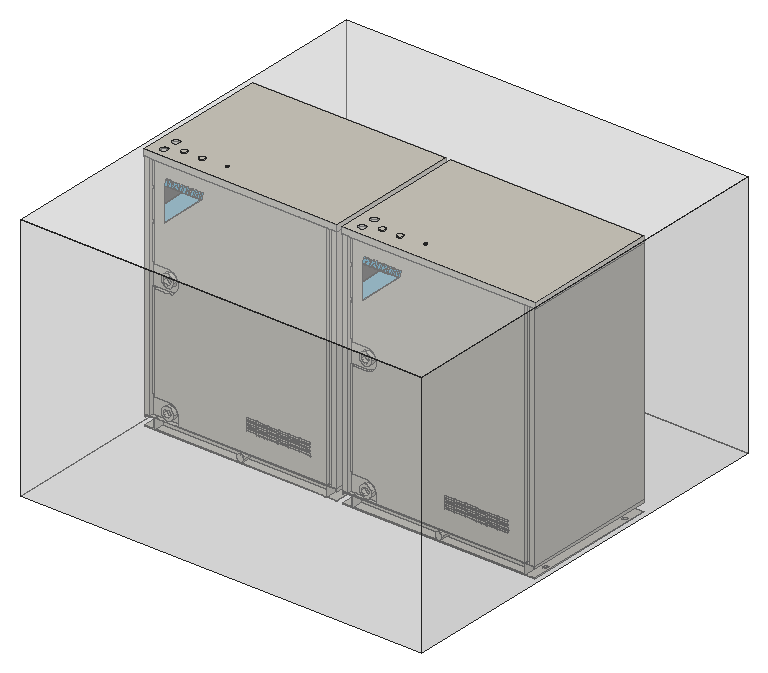
Revit family "outputfile", category 機械設備, Revit 2024
Family settings
  丸型コネクタ寸法 = 半径を使用
  種別 = なし
  パーツ タイプ = 標準
  OmniClass 番号 = 23.75.10.24.21.27.27
  OmniClass タイトル = Split System Air Conditioning Units
  作業面ベース = いいえ
  常に垂直 = はい
  ロード時にボイドで切り取り = いいえ
  注釈の向きを維持 = いいえ
  共有 = いいえ
  部屋計算ポイント = いいえ
Parameters (values of type "RWEYQ20TY1S")
  製造元 = "Daikin"
  書き出し IFC クラス(タイプ) = "IfcUnitaryEquipmentType"
  定義済み IFC タイプ(タイプ) = "AIRCONDITIONINGUNIT"
  モデル = "RWEYQ20TY1S"
  w_unit2 = 780.0 mm
  w_unit1 = 780.0 mm
  switch_unit2_6-8 [instance] = if(Reverse_ModuleSequence, if(default_unit1 = 1, 1 = 1, 1 = 0), if(default_unit2 = 1, 1 = 1, 1 = 0))  # no
  switch_unit2_12 [instance] = if(Reverse_ModuleSequence, if(default_unit1 = 3, 1 = 1, 1 = 0), if(default_unit2 = 3, 1 = 1, 1 = 0))  # no
  switch_unit2_10 [instance] = if(Reverse_ModuleSequence, if(default_unit1 = 2, 1 = 1, 1 = 0), if(default_unit2 = 2, 1 = 1, 1 = 0))  # yes
  switch_unit1_6-8 [instance] = if(Reverse_ModuleSequence, if(default_unit2 = 1, 1 = 1, 1 = 0), if(default_unit1 = 1, 1 = 1, 1 = 0))  # no
  switch_unit1_12 [instance] = if(Reverse_ModuleSequence, if(default_unit2 = 3, 1 = 1, 1 = 0), if(default_unit1 = 3, 1 = 1, 1 = 0))  # no
  switch_unit1_10 [instance] = if(Reverse_ModuleSequence, if(default_unit2 = 2, 1 = 1, 1 = 0), if(default_unit1 = 2, 1 = 1, 1 = 0))  # yes
  rangle_Drain [instance] = if(Rear Connection_Drain, 180.00°, 0.00°)  # 0.00°
  r_Water Outlet Pipe Connection_unit2 [instance] = Water Outlet Pipe Connection_Unit2 / 2  # 15.9 mm
  r_Water Outlet Pipe Connection_unit1 [instance] = Water Outlet Pipe Connection_Unit1 / 2  # 15.9 mm
  r_Water Inlet Pipe Connection_unit2 [instance] = Water Inlet Pipe Connection_Unit2 / 2  # 15.9 mm
  r_Water Inlet Pipe Connection_unit1 [instance] = Water Inlet Pipe Connection_Unit1 / 2  # 15.9 mm
  r_Liquid Pipe Size_unit2 [instance] = Liquid Pipe Size_Unit 2 / 2  # 4.75 mm
  r_HP/LP Gas Pipe Size_unit2 [instance] = [HP/LP Gas Pipe Size_Unit 2] / 2  # 11.1 mm
  r_HP/LP Gas Pipe Size_unit1 [instance] = [HP/LP Gas Pipe Size_Unit 1] / 2  # 11.1 mm
  r_Gas Pipe Size_unit2 [instance] = Gas Pipe Size_Unit 2 / 2  # 11.1 mm
  r_Drain Pipe Size = Drain Pipe Size / 2  # 6.35 mm
  lw_powersupply2 = 51.0 mm
  lw_liquidpipe2 = 274.0 mm
  lw_gaspipe2 [instance] = if(Heat Pump, 107.0 mm, 178.0 mm)  # 107.0 mm
  lw_Water Outlet2 = 95.0 mm
  lw_Water Outlet1 = 95.0 mm
  lw_Water Inlet2 = 95.0 mm
  lw_Water Inlet1 = 95.0 mm
  lw_HP/LP Gas Pipe2 [instance] = if(Heat Pump, 178.0 mm, 107.0 mm)  # 178.0 mm
  lw_HP/LP Gas Pipe1 [instance] = if(Heat Pump, 178.0 mm, 107.0 mm)  # 178.0 mm
  lw_Drain2 = 390.0 mm
  lw_Drain1 = 390.0 mm
  ld_HP/LP Gas Pipe = 69.0 mm
  h_mountinghole = [h_***] + 2.3 mm  # 2.3 mm
  r_Liquid Pipe Size_unit1 [instance] = Liquid Pipe Size_Unit 1 / 2  # 4.75 mm
  r_Gas Pipe Size_unit1 [instance] = Gas Pipe Size_Unit 1 / 2  # 11.1 mm
  distance_unit1-2 [instance] = 20.0 mm
  default_unit2 = 2
  default_unit1 = 2
  default_Water Outlet Pipe Connection_Unit 3 = 31.8 mm
  default_Water Outlet Pipe Connection_Unit 2 = 31.8 mm
  default_Water Outlet Pipe Connection_Unit 1 = 31.8 mm
  default_Water Inlet Pipe Connection_Unit 3 = 31.8 mm
  default_Water Inlet Pipe Connection_Unit 2 = 31.8 mm
  default_Water Inlet Pipe Connection_Unit 1 = 31.8 mm
  default_Model_Unit 2 = "RWEYQ10TY1S"
  default_Model_Unit 1 = "RWEYQ10TY1S"
  default_Liquid Pipe Size_Unit 2 = 9.5 mm
  default_Liquid Pipe Size_Unit 1 = 9.5 mm
  default_HP/LP Gas Pipe Size_Unit 2 [instance] = if(and(Heat Pump, [switch_unit2_6-8]), 19.1 mm, if(and(Heat Pump, switch_unit2_10), 22.2 mm, if(and(Heat Pump, switch_unit2_12), 22.2 mm, if(and(Heat Recovery, [switch_unit2_6-8]), 15.9 mm, if(and(Heat Recovery, switch_unit2_10), 19.1 mm, if(and(Heat Recovery, switch_unit2_12), 19.1 mm, 19.1 mm))))))  # 22.2 mm
  default_HP/LP Gas Pipe Size_Unit 1 [instance] = if(and(Heat Pump, [switch_unit1_6-8]), 19.1 mm, if(and(Heat Pump, switch_unit1_10), 22.2 mm, if(and(Heat Pump, switch_unit1_12), 22.2 mm, if(and(Heat Recovery, [switch_unit1_6-8]), 15.9 mm, if(and(Heat Recovery, switch_unit1_10), 19.1 mm, if(and(Heat Recovery, switch_unit1_12), 19.1 mm, 19.1 mm))))))  # 22.2 mm
  default_Gas Pipe Size_Unit 2 = 22.2 mm
  default_Gas Pipe Size_Unit 1 = 22.2 mm
  Water Outlet Pipe Connection_Unit2 [instance] = if(Reverse_ModuleSequence, default_Water Inlet Pipe Connection_Unit 1, default_Water Inlet Pipe Connection_Unit 2)  # 31.8 mm
  Water Outlet Pipe Connection_Unit1 [instance] = if(Reverse_ModuleSequence, default_Water Outlet Pipe Connection_Unit 2, default_Water Outlet Pipe Connection_Unit 1)  # 31.8 mm
  Water Inlet Pipe Connection_Unit2 [instance] = if(Reverse_ModuleSequence, default_Water Outlet Pipe Connection_Unit 1, default_Water Outlet Pipe Connection_Unit 2)  # 31.8 mm
  Water Inlet Pipe Connection_Unit1 [instance] = if(Reverse_ModuleSequence, default_Water Inlet Pipe Connection_Unit 2, default_Water Inlet Pipe Connection_Unit 1)  # 31.8 mm
  Voltage_comment_50Hz = "380-415"
  Voltage_50Hz = 400 V
  Top Connection_powersupply2 [instance] = not(Top Connection_powersupply1)  # no
  Sound Power Level (dB) = 74
  Reverse_ModuleSequence [instance] = no
  Rear Connection_Drain [instance] = not(Front Connection_Drain)  # no
  Power Input (Heating) = 11.200 kW
  Phase_50Hz = 3
  Nominal Heating Capacity = 63.000 kW
  Model_Unit 2 [instance] = if(Reverse_ModuleSequence, default_Model_Unit 1, default_Model_Unit 2)  # "RWEYQ10TY1S"
  Model_Unit 1 [instance] = if(Reverse_ModuleSequence, default_Model_Unit 2, default_Model_Unit 1)  # "RWEYQ10TY1S"
  Minimum Circuit Amps_50Hz = 27.3 A
  Maximum Fuse Amps_50Hz = 35.0 A
  Material_Heat Exchanger = DAIKIN_Blue_HE_outdoorunit
  Material_Casing = DAIKIN_IvoryWhite_Casing_outdoorunit
  lw_powersupply1 = 51.0 mm
  lw_liquidpipe1 = 274.0 mm
  lw_gaspipe1 [instance] = if(Heat Pump, 107.0 mm, 178.0 mm)  # 107.0 mm
  lh_powersupply = 940.0 mm
  ld_powersupply [instance] = if(Top Connection_powersupply1, 38.0 mm, 98.0 mm)  # 38.0 mm
  ld_liquidpipe = 79.0 mm
  ld_gaspipe = 69.0 mm
  h_*** = 0.0 mm
  Width [instance] = [distance_unit1-2] + w_unit1 + w_unit2  # 1580.0 mm
  Version = "ver.1.0"
  Unit Type = ""
  Unit Mass Weight = 294.00 kg
  Unit Designation [instance] = ""
  Uniclass2015Version = "Products v1.30"
  Uniclass2015Title = "Variable refrigerant flow units"
  Uniclass2015Code = "Pr_70_65_03_94"
  Total Cooling Capacity [instance] = 0.000 kW
  Sound Pressure Level (dBA) = 54
  Series = "VRV Heat Recovery"
  Refrigerant_Base Charge = 8.400 kg
  Refrigerant_Additional Charge [instance] = 0.000 kg
  Refrigerant Type = "R410A"
  Power Input (Cooling) = 10.900 kW
  Option Accessory 3 [instance] = ""
  Option Accessory 2 [instance] = ""
  Option Accessory 1 [instance] = ""
  Nominal Cooling Capacity = 56.000 kW
  Load Classification = HVAC
  Liquid Pipe Size_Unit 2 [instance] = if(Reverse_ModuleSequence, default_Liquid Pipe Size_Unit 1, default_Liquid Pipe Size_Unit 2)  # 9.5 mm
  Liquid Pipe Size_Unit 1 [instance] = if(Reverse_ModuleSequence, default_Liquid Pipe Size_Unit 2, default_Liquid Pipe Size_Unit 1)  # 9.5 mm
  Link_Nested Family [instance] = ""
  IfcVersion = ""
  IfcExportType = "AIRCONDITIONINGUNIT"
  IfcExportAs = "IfcUnitaryEquipmentType"
  Height = 1000.0 mm
  Heat Recovery [instance] = not(Heat Pump)  # no
  Heat Pump [instance] = yes
  Heat Exchanger Type = "Stainless Steel Plate"
  HP/LP Gas Pipe Size_Unit 2 [instance] = [default_HP/LP Gas Pipe Size_Unit 2]  # 22.2 mm
  HP/LP Gas Pipe Size_Unit 1 [instance] = [default_HP/LP Gas Pipe Size_Unit 1]  # 22.2 mm
  Gas Pipe Size_Unit 2 [instance] = if(Reverse_ModuleSequence, default_Gas Pipe Size_Unit 1, default_Gas Pipe Size_Unit 2)  # 22.2 mm
  Gas Pipe Size_Unit 1 [instance] = if(Reverse_ModuleSequence, default_Gas Pipe Size_Unit 2, default_Gas Pipe Size_Unit 1)  # 22.2 mm
  Top Connection_powersupply1 [instance] = yes
  Front Connection_Drain [instance] = yes
  Frequency_50Hz = 50 Hz
  Drain Pipe Size = 12.7 mm
  Depth = 550.0 mm
  既定の高さ = 0.0 mm
  Cooling Ambient Wet Bulb Temperature [instance] = 0.00 °C
  Cooling Ambient Dry Bulb Temperature [instance] = 0.00 °C
  Compressor Type = "Hermetically Sealed Scroll Type"
  Clearance visibility [instance] = yes
  Clearance Top = 0.0 mm
  Clearance Right = 20.0 mm
  Clearance Rear = 500.0 mm
  Clearance Left = 20.0 mm
  Clearance Front = 600.0 mm
  Clearance Bottom = 0.0 mm
  CU Tag No. [instance] = ""
Reference planes
  plane 1 "Center (Front/Back)": y = 0
  plane 2 "h_***": z = 0
  plane 3 "Center (Left/Right)": x = 0
  plane 4 "Back": y = 275
  plane 5 "Front": y = -275
  plane 6 "Left": x = -390
  plane 7 "w_unit1": x = 390
  plane 8 "Top": z = 1000
  plane 9 "Clearance Rear": y = 775
  plane 10 "Clearance Front": y = -875
  plane 11 "Clearance Left": x = -410
  plane 12 "Clearance Right": x = 1210
  plane 13 "Clearance Top": z = 1000
  plane 14 "Clearance Bottom": z = 0
  plane 15 "Bottom": z = 0
  plane 16 "lw_powersupply1": x = -339
  plane 17 "ld_powersupply": y = -237
  plane 18 "lw_liquidpipe1": x = -116
  plane 19 "Rear Connection_refrigetant": y = -196
  plane 20 "lw_gaspipe1": x = -283
  plane 21 "ld_gaspipe": y = -206
  plane 22 "lh_logo": z = 900
  plane 23 "lw_logo": x = 100
  plane 24 "lh_powersupply": z = 940
  plane 25 "lw_HP/LP Gas Pipe1": x = -212
  plane 26 "ld_HP/LP Gas Pipe": y = -206
  plane 27 "l_unit2": x = 410
  plane 28 "Right": x = 1190
  plane 29 "lw_powersupply2": x = 461
  plane 30 "lw_liquidpipe2": x = 684
  plane 31 "lw_gaspipe2": x = 517
  plane 32 "lw_HP/LP Gas Pipe2": x = 588
  plane 33 "lw_Water Inlet1": x = -295
  plane 34 "lw_Water Inlet2": x = 505
  plane 35 "lw_Water Outlet1": x = -295
  plane 36 "lw_Water Outlet2": x = 505
  plane 37 "lw_Drain1": x = 0
  plane 38 "lw_Drain2": x = 800
Dimensions and locks
  equal spacing: plane 4 "Back", plane 1 "Center (Front/Back)", plane 5 "Front"
  "Depth": plane 4 "Back" to plane 5 "Front"
  equal spacing: plane 6 "Left", plane 3 "Center (Left/Right)", plane 7 "w_unit1"
  "w_unit1": plane 6 "Left" to plane 7 "w_unit1"
  "Clearance Rear": plane 9 "Clearance Rear" to plane 4 "Back"
  "Clearance Front": plane 10 "Clearance Front" to plane 5 "Front"
  "Clearance Left": plane 11 "Clearance Left" to plane 6 "Left"
  "Clearance Top": plane 13 "Clearance Top" to plane 8 "Top"
  "h_***": plane 15 "Bottom" to plane 2 "h_***"
  "Height": plane 8 "Top" to plane 15 "Bottom"
  "Clearance Bottom": plane 15 "Bottom" to plane 14 "Clearance Bottom"
  "ld_powersupply": plane 17 "ld_powersupply" to plane 5 "Front"
  "ld_liquidpipe": plane 19 "Rear Connection_refrigetant" to plane 5 "Front"
  "ld_gaspipe": plane 21 "ld_gaspipe" to plane 5 "Front"
  locked: plane 23 "lw_logo" to plane 7 "w_unit1" at 290
  locked: plane 22 "lh_logo" to plane 15 "Bottom" at 900
  "lw_gaspipe1": plane 6 "Left" to plane 20 "lw_gaspipe1"
  "lw_liquidpipe1": plane 6 "Left" to plane 18 "lw_liquidpipe1"
  "lw_powersupply1": plane 6 "Left" to plane 16 "lw_powersupply1"
  "lh_powersupply": plane 24 "lh_powersupply" to plane 15 "Bottom"
  "lw_HP/LP Gas Pipe1": plane 6 "Left" to plane 25 "lw_HP/LP Gas Pipe1"
  "ld_HP/LP Gas Pipe": plane 26 "ld_HP/LP Gas Pipe" to plane 5 "Front"
  "distance_unit1-2": plane 7 "w_unit1" to plane 27 "l_unit2"
  "Clearance Right": plane 28 "Right" to plane 12 "Clearance Right"
  "Width": plane 6 "Left" to plane 28 "Right"
  "lw_powersupply2": plane 27 "l_unit2" to plane 29 "lw_powersupply2"
  "lw_HP/LP Gas Pipe2": plane 27 "l_unit2" to plane 32 "lw_HP/LP Gas Pipe2"
  "lw_gaspipe2": plane 27 "l_unit2" to plane 31 "lw_gaspipe2"
  "lw_liquidpipe2": plane 27 "l_unit2" to plane 30 "lw_liquidpipe2"
  "lw_Water Inlet1": plane 6 "Left" to plane 33 "lw_Water Inlet1"
  "lw_Water Inlet2": plane 27 "l_unit2" to plane 34 "lw_Water Inlet2"
  "lw_Water Outlet1": plane 6 "Left" to plane 35 "lw_Water Outlet1"
  "lw_Water Outlet2": plane 27 "l_unit2" to plane 36 "lw_Water Outlet2"
  "lw_Drain1": plane 6 "Left" to plane 37 "lw_Drain1"
  "lw_Drain2": plane 27 "l_unit2" to plane 38 "lw_Drain2"
  aligned and locked: level to plane 2 "h_***"
  aligned and locked: plane 9 "Clearance Rear" to nested 2
  aligned and locked: nested 2 to plane 10 "Clearance Front"
  aligned and locked: plane 11 "Clearance Left" to nested 2
  aligned and locked: plane 12 "Clearance Right" to nested 2
  aligned and locked: plane 13 "Clearance Top" to nested 2
  aligned and locked: plane 14 "Clearance Bottom" to nested 2
  aligned and locked: plane 8 "Top" to nested 1
  aligned and locked: plane 22 "lh_logo" to nested 7
  aligned and locked: nested 8 to plane 16 "lw_powersupply1"
  aligned and locked: nested 9 to plane 20 "lw_gaspipe1"
  aligned and locked: nested 10 to plane 18 "lw_liquidpipe1"
  aligned and locked: nested 10 to plane 19 "Rear Connection_refrigetant"
  aligned and locked: nested 9 to plane 21 "ld_gaspipe"
  aligned and locked: nested 8 to plane 17 "ld_powersupply"
  aligned and locked: plane 5 "Front" to nested 7
  aligned and locked: plane 24 "lh_powersupply" to nested 8
  aligned and locked: plane 27 "l_unit2" to nested 11
  aligned and locked: nested 17 to plane 29 "lw_powersupply2"
  aligned and locked: nested 17 to plane 17 "ld_powersupply"
  aligned and locked: nested 18 to plane 31 "lw_gaspipe2"
  aligned and locked: nested 18 to plane 26 "ld_HP/LP Gas Pipe"
  aligned and locked: plane 33 "lw_Water Inlet1" to nested 20
  aligned and locked: plane 34 "lw_Water Inlet2" to nested 21
  aligned and locked: plane 35 "lw_Water Outlet1" to nested 22
  aligned and locked: plane 36 "lw_Water Outlet2" to nested 23
  aligned and locked: plane 37 "lw_Drain1" to nested 24
  aligned and locked: plane 38 "lw_Drain2" to nested 25
  aligned and locked: plane 1 "Center (Front/Back)" to nested 20
  aligned and locked: plane 1 "Center (Front/Back)" to nested 21
  aligned and locked: plane 1 "Center (Front/Back)" to nested 22
  aligned and locked: plane 1 "Center (Front/Back)" to nested 23
  aligned and locked: plane 1 "Center (Front/Back)" to nested 24
  aligned and locked: plane 1 "Center (Front/Back)" to nested 25
  aligned and locked: nested 26 to plane 26 "ld_HP/LP Gas Pipe"
  aligned and locked: nested 27 to plane 26 "ld_HP/LP Gas Pipe"
  aligned and locked: plane 32 "lw_HP/LP Gas Pipe2" to nested 27
  aligned and locked: plane 25 "lw_HP/LP Gas Pipe1" to nested 26
Nested families
  nested 1: "DAIKIN_outdoorunit_RWEYQ-TY1S" at (-31, 0, 0), h_*** <- "h_***", Link_Nest <- "Link_Nested Family", h_mountinghole <- "h_mountinghole", Width <- "w_unit1", switch_unit1_6-8 <- "switch_unit1_6-8", switch_unit1_10 <- "switch_unit1_10", switch_unit1_12 <- "switch_unit1_12", type "RWEYQ-TY1S"
    with switch_unit1_6-8 no, switch_unit1_12 no, switch_unit1_10 yes, show_fixedhole yes, h_mountinghole 2.3 mm, h_antenna_mountinghole 998.7 mm, h_*** 0.0 mm, array_bolt 5, Width 780.0 mm, Liquid Pipe Size_Unit 1 9.5 mm, Link_Nest "", HP/LP Pipe Size_Unit 1 22.2 mm, Gas Pipe Size_Unit 1 22.2 mm
  nested 2: "daikin_clearancespace" at (400, -50, 500.119), visible <- "Clearance visibility", show <- "Clearance visibility", Link_Nested Family <- "Link_Nested Family", type "daikin_clearancespace"
    with width 1620.0 mm, show yes, height 1000.0 mm, depth 1650.0 mm, Link_Nested Family ""
  nested 3: "daikin_mountinghole" at (-372, 200, 0), type "daikin_mountinghole"
    with show yes, l_antenna 998.7 mm, h_mountinghole 2.3 mm, Link_Nested Family ""
  nested 4: "daikin_mountinghole" at (372, 200, 0), type "daikin_mountinghole"
    with show yes, l_antenna 998.7 mm, h_mountinghole 2.3 mm, Link_Nested Family ""
  nested 5: "daikin_mountinghole" at (-372, -200, 0), type "daikin_mountinghole"
    with show yes, l_antenna 998.7 mm, h_mountinghole 2.3 mm, Link_Nested Family ""
  nested 6: "daikin_mountinghole" at (372, -200, 0), type "daikin_mountinghole"
    with show yes, l_antenna 998.7 mm, h_mountinghole 2.3 mm, Link_Nested Family ""
  nested 7: "daikin_logo_elevation_w150" at (-212.5, -275, 744.568), type "daikin_logo_elevation_w150"
    with show_logo yes
  nested 8: "daikin_connector_rotate3" at (-339, -237, 940) x (-1, 0, 0) z (0, 0, -1), type "daikin_connector_rotate3"
    with show no, radius 10.0 mm, length 60.0 mm, angle_vertical 0.00°, angle_horizontal 0.00°
  nested 9: "daikin_connector_rotate3" at (-283, -206, 940) x (-1, 0, 0) z (0, 0, -1), radius <- "r_Gas Pipe Size_unit1", type "daikin_connector_rotate3"
    with show no, radius 11.1 mm, length 60.0 mm, angle_vertical 0.00°, angle_horizontal 0.00°
  nested 10: "daikin_connector_rotate3" at (-116, -196, 940) x (-1, 0, 0) z (0, 0, -1), radius <- "r_Liquid Pipe Size_unit1", type "daikin_connector_rotate3"
    with show no, radius 4.75 mm, length 60.0 mm, angle_vertical 0.00°, angle_horizontal 0.00°
  nested 11: "DAIKIN_outdoorunit_RWEYQ-TY1S" at (769, 0, 0), Width <- "w_unit2", switch_unit1_6-8 <- "switch_unit2_6-8", switch_unit1_10 <- "switch_unit2_10", switch_unit1_12 <- "switch_unit2_12", type "RWEYQ-TY1S"
    with switch_unit1_6-8 no, switch_unit1_12 no, switch_unit1_10 yes, show_fixedhole yes, h_mountinghole 2.3 mm, h_antenna_mountinghole 998.7 mm, h_*** 0.0 mm, array_bolt 5, Width 780.0 mm, Liquid Pipe Size_Unit 1 9.5 mm, Link_Nest "", HP/LP Pipe Size_Unit 1 22.2 mm, Gas Pipe Size_Unit 1 22.2 mm
  nested 12: "daikin_mountinghole" at (428, 200, 0), type "daikin_mountinghole"
    with show yes, l_antenna 998.7 mm, h_mountinghole 2.3 mm, Link_Nested Family ""
  nested 13: "daikin_mountinghole" at (1172, 200, 0), type "daikin_mountinghole"
    with show yes, l_antenna 998.7 mm, h_mountinghole 2.3 mm, Link_Nested Family ""
  nested 14: "daikin_mountinghole" at (428, -200, 0), type "daikin_mountinghole"
    with show yes, l_antenna 998.7 mm, h_mountinghole 2.3 mm, Link_Nested Family ""
  nested 15: "daikin_mountinghole" at (1172, -200, 0), type "daikin_mountinghole"
    with show yes, l_antenna 998.7 mm, h_mountinghole 2.3 mm, Link_Nested Family ""
  nested 16: "daikin_connector_rotate3" at (684, -196, 940) x (-1, 0, 0) z (0, 0, -1), radius <- "r_Liquid Pipe Size_unit2", type "daikin_connector_rotate3"
    with show no, radius 4.75 mm, length 60.0 mm, angle_vertical 0.00°, angle_horizontal 0.00°
  nested 17: "daikin_connector_rotate3" at (461, -237, 940) x (-1, 0, 0) z (0, 0, -1), type "daikin_connector_rotate3"
    with show no, radius 10.0 mm, length 60.0 mm, angle_vertical 0.00°, angle_horizontal 0.00°
  nested 18: "daikin_connector_rotate3" at (517, -206, 940) x (-1, 0, 0) z (0, 0, -1), radius <- "r_Gas Pipe Size_unit2", type "daikin_connector_rotate3"
    with show no, radius 11.1 mm, length 60.0 mm, angle_vertical 0.00°, angle_horizontal 0.00°
  nested 19: "daikin_logo_elevation_w150" at (587.5, -275, 744.568), type "daikin_logo_elevation_w150"
    with show_logo yes
  nested 20: "daikin_connector_rotate3" at (-295, 0, 76), radius <- "r_Water Inlet Pipe Connection_unit1", type "daikin_connector_rotate3"
    with show no, radius 15.9 mm, length 275.0 mm, angle_vertical 90.00°, angle_horizontal 0.00°
  nested 21: "daikin_connector_rotate3" at (505, 0, 76), radius <- "r_Water Inlet Pipe Connection_unit2", type "daikin_connector_rotate3"
    with show no, radius 15.9 mm, length 275.0 mm, angle_vertical 90.00°, angle_horizontal 0.00°
  nested 22: "daikin_connector_rotate3" at (-295, 0, 556), radius <- "r_Water Outlet Pipe Connection_unit1", type "daikin_connector_rotate3"
    with show no, radius 15.9 mm, length 275.0 mm, angle_vertical 90.00°, angle_horizontal 0.00°
  nested 23: "daikin_connector_rotate3" at (505, 0, 556), radius <- "r_Water Outlet Pipe Connection_unit2", type "daikin_connector_rotate3"
    with show no, radius 15.9 mm, length 275.0 mm, angle_vertical 90.00°, angle_horizontal 0.00°
  nested 24: "daikin_connector_rotate3" at (0, 0, 19), angle_horizontal <- "rangle_Drain", radius <- "r_Drain Pipe Size", type "daikin_connector_rotate3"
    with show no, radius 6.35 mm, length 275.0 mm, angle_vertical 90.00°, angle_horizontal 0.00°
  nested 25: "daikin_connector_rotate3" at (800, 0, 19), angle_horizontal <- "rangle_Drain", radius <- "r_Drain Pipe Size", type "daikin_connector_rotate3"
    with show no, radius 6.35 mm, length 275.0 mm, angle_vertical 90.00°, angle_horizontal 0.00°
  nested 26: "daikin_connector_rotate3" at (-212, -206, 940) x (1, 0, 0) z (0, 0, -1), radius <- "r_HP/LP Gas Pipe Size_unit1", type "daikin_connector_rotate3"
    with show no, radius 11.1 mm, length 60.0 mm, angle_vertical 0.00°, angle_horizontal 0.00°
  nested 27: "daikin_connector_rotate3" at (588, -206, 940) x (1, 0, 0) z (0, 0, -1), radius <- "r_HP/LP Gas Pipe Size_unit2", type "daikin_connector_rotate3"
    with show no, radius 11.1 mm, length 60.0 mm, angle_vertical 0.00°, angle_horizontal 0.00°
Connectors
  piping at (-116, -196, 1000), diameter 9.5, driven by "r_Liquid Pipe Size_unit1"
    settings: on nested 10, index 12, connector inside diameter 609.6 mm, connector length 0.0 mm, flow factor 0, pipe flow 0.00 m³/h, pressure drop 0.0 Pa, fitting loss kfactor 0, connector angle 0.00°, fixture units 0, engagement length 0.0 mm, angle of deflection 0.00°, flow configuration 0, flow direction 2, fitting loss method 0, system type 29, joint type 0, gender type 0, connector reference index -1, connector utility 0, adjustable connector no, is connector primary no, connector description "Refrigerant Liquid Piping1"
  electrical at (-339, -237, 1000), driven by "Load Classification"
    settings: on nested 8, index 13, voltage 0 V, apparent load 0 VA, apparent load phase1 0 VA, apparent load phase2 0 VA, apparent load phase3 0 VA, power factor 1, load classification "HVAC", number of poles 1, system type 30, power factor state 1, is connector primary yes, connector utility no, sub classification motor no, connector description "Power Supply1"
  piping at (684, -196, 1000), diameter 9.5, driven by "r_Liquid Pipe Size_unit2"
    settings: on nested 16, index 15, connector inside diameter 609.6 mm, connector length 0.0 mm, flow factor 0, pipe flow 0.00 m³/h, pressure drop 0.0 Pa, fitting loss kfactor 0, connector angle 0.00°, fixture units 0, engagement length 0.0 mm, angle of deflection 0.00°, flow configuration 0, flow direction 2, fitting loss method 0, system type 29, joint type 0, gender type 0, connector reference index -1, connector utility 0, adjustable connector no, is connector primary no, connector description "Refrigerant Liquid Piping2"
  electrical at (461, -237, 1000), driven by "Load Classification"
    settings: on nested 17, index 17, voltage 0 V, apparent load 0 VA, apparent load phase1 0 VA, apparent load phase2 0 VA, apparent load phase3 0 VA, power factor 1, load classification "HVAC", number of poles 1, system type 30, power factor state 1, is connector primary no, connector utility no, sub classification motor no, connector description "Power Supply2"
  piping at (-295, -275, 556), diameter 31.8, driven by "r_Water Outlet Pipe Connection_unit1"
    settings: on nested 22, index 19, connector inside diameter 609.6 mm, connector length 0.0 mm, flow factor 0, pipe flow 0.00 m³/h, pressure drop 0.0 Pa, fitting loss kfactor 0, connector angle 0.00°, fixture units 0, engagement length 0.0 mm, angle of deflection 0.00°, flow configuration 1, flow direction 2, fitting loss method 0, system type 8, joint type 0, gender type 0, connector reference index -1, connector utility 0, adjustable connector no, is connector primary no, connector description "Cooling Water Outlet Piping 1"
  piping at (-295, -275, 76), diameter 31.8, driven by "r_Water Inlet Pipe Connection_unit1"
    settings: on nested 20, index 20, connector inside diameter 609.6 mm, connector length 0.0 mm, flow factor 0, pipe flow 0.00 m³/h, pressure drop 0.0 Pa, fitting loss kfactor 0, connector angle 0.00°, fixture units 0, engagement length 0.0 mm, angle of deflection 0.00°, flow configuration 1, flow direction 1, fitting loss method 0, system type 7, joint type 0, gender type 0, connector reference index -1, connector utility 0, adjustable connector no, is connector primary no, connector description "Cooling Water Inlet  Piping 1"
  piping at (0, -275, 19), diameter 12.7, driven by "r_Drain Pipe Size"
    settings: on nested 24, index 21, connector inside diameter 609.6 mm, connector length 0.0 mm, flow factor 0, pipe flow 0.00 m³/h, pressure drop 0.0 Pa, fitting loss kfactor 0, connector angle 0.00°, fixture units 0, engagement length 0.0 mm, angle of deflection 0.00°, flow configuration 1, flow direction 2, fitting loss method 4, system type 16, joint type 0, gender type 0, connector reference index -1, connector utility 0, adjustable connector no, is connector primary no, connector description "Condensate Drain Piping 1"
  piping at (505, -275, 556), diameter 31.8, driven by "r_Water Outlet Pipe Connection_unit2"
    settings: on nested 23, index 22, connector inside diameter 609.6 mm, connector length 0.0 mm, flow factor 0, pipe flow 0.00 m³/h, pressure drop 0.0 Pa, fitting loss kfactor 0, connector angle 0.00°, fixture units 0, engagement length 0.0 mm, angle of deflection 0.00°, flow configuration 1, flow direction 2, fitting loss method 0, system type 8, joint type 0, gender type 0, connector reference index -1, connector utility 0, adjustable connector no, is connector primary no, connector description "Cooling Water Outlet Piping 2"
  piping at (505, -275, 76), diameter 31.8, driven by "r_Water Inlet Pipe Connection_unit2"
    settings: on nested 21, index 23, connector inside diameter 609.6 mm, connector length 0.0 mm, flow factor 0, pipe flow 0.00 m³/h, pressure drop 0.0 Pa, fitting loss kfactor 0, connector angle 0.00°, fixture units 0, engagement length 0.0 mm, angle of deflection 0.00°, flow configuration 1, flow direction 1, fitting loss method 0, system type 7, joint type 0, gender type 0, connector reference index -1, connector utility 0, adjustable connector no, is connector primary no, connector description "Cooling Water Inlet  Piping 2"
  piping at (800, -275, 19), diameter 12.7, driven by "r_Drain Pipe Size"
    settings: on nested 25, index 24, connector inside diameter 609.6 mm, connector length 0.0 mm, flow factor 0, pipe flow 0.00 m³/h, pressure drop 0.0 Pa, fitting loss kfactor 0, connector angle 0.00°, fixture units 0, engagement length 0.0 mm, angle of deflection 0.00°, flow configuration 1, flow direction 2, fitting loss method 4, system type 16, joint type 0, gender type 0, connector reference index -1, connector utility 0, adjustable connector no, is connector primary no, connector description "Condensate Drain Piping 2"
  piping at (-212, -206, 1000), diameter 22.2, driven by "r_HP/LP Gas Pipe Size_unit1"
    settings: on nested 26, index 27, connector inside diameter 609.6 mm, connector length 0.0 mm, flow factor 0, pipe flow 0.00 m³/h, pressure drop 0.0 Pa, fitting loss kfactor 0, connector angle 0.00°, fixture units 0, engagement length 0.0 mm, angle of deflection 0.00°, flow configuration 0, flow direction 0, fitting loss method 0, system type 29, joint type 0, gender type 0, connector reference index -1, connector utility 0, adjustable connector no, is connector primary no, connector description "Refrigerant HP/LP Gas Piping1"
  piping at (588, -206, 1000), diameter 22.2, driven by "r_HP/LP Gas Pipe Size_unit2"
    settings: on nested 27, index 28, connector inside diameter 609.6 mm, connector length 0.0 mm, flow factor 0, pipe flow 0.00 m³/h, pressure drop 0.0 Pa, fitting loss kfactor 0, connector angle 0.00°, fixture units 0, engagement length 0.0 mm, angle of deflection 0.00°, flow configuration 0, flow direction 0, fitting loss method 0, system type 29, joint type 0, gender type 0, connector reference index -1, connector utility 0, adjustable connector no, is connector primary no, connector description "Refrigerant HP/LP Gas Piping2"
  piping at (-283, -206, 1000), diameter 22.2, driven by "r_Gas Pipe Size_unit1"
    settings: on nested 9, index 29, connector inside diameter 609.6 mm, connector length 0.0 mm, flow factor 0, pipe flow 0.00 m³/h, pressure drop 0.0 Pa, fitting loss kfactor 0, connector angle 0.00°, fixture units 0, engagement length 0.0 mm, angle of deflection 0.00°, flow configuration 0, flow direction 1, fitting loss method 0, system type 29, joint type 0, gender type 0, connector reference index -1, connector utility 0, adjustable connector no, is connector primary yes, connector description "Refrigerant Gas Piping1"
  piping at (517, -206, 1000), diameter 22.2, driven by "r_Gas Pipe Size_unit2"
    settings: on nested 18, index 30, connector inside diameter 609.6 mm, connector length 0.0 mm, flow factor 0, pipe flow 0.00 m³/h, pressure drop 0.0 Pa, fitting loss kfactor 0, connector angle 0.00°, fixture units 0, engagement length 0.0 mm, angle of deflection 0.00°, flow configuration 0, flow direction 1, fitting loss method 0, system type 29, joint type 0, gender type 0, connector reference index -1, connector utility 0, adjustable connector no, is connector primary no, connector description "Refrigerant Gas Piping2"
Definition of nested family "DAIKIN_outdoorunit_RWEYQ-TY1S"
  Parameters (values of type "RWEYQ-TY1S")
    w_wiremesh_right = 668.0 mm  # constant formula
    w_wiremesh_left = 590.0 mm  # constant formula
    w_wiremesh_front = 248.0 mm  # constant formula
    switch_unit1_6-8 [instance] = no
    switch_unit1_12 [instance] = yes
    switch_unit1_10 [instance] = no
    show_fixedhole [instance] = yes
    material_heatexchanger = none
    material_casing = none
    ld_hole1_bottom = 154.0 mm  # constant formula
    h_wiremesh = 900.0 mm  # constant formula
    h_mountinghole [instance] = 2.3 mm
    h_antenna_mountinghole [instance] = Height + 1.0 mm - 2.3 mm  # 998.7 mm
    h_*** [instance] = 0.0 mm
    array_bolt [instance] = 5
    Width [instance] = 780.0 mm
    Liquid Pipe Size_Unit 1 [instance] = if([switch_unit1_6-8], 9.5 mm, if(switch_unit1_10, 9.5 mm, if(switch_unit1_12, 12.7 mm, 9.5 mm)))  # 12.7 mm
    Link_Nest [instance] = ""
    Height = 1000.0 mm
    Heat Recovery = not(Heat Pump)  # no
    Heat Pump = yes
    HP/LP Pipe Size_Unit 1_L = if(Heat Pump, 178.0 mm, 107.0 mm)  # 178.0 mm
    HP/LP Pipe Size_Unit 1 [instance] = if(Heat Recovery, if([switch_unit1_6-8], 15.9 mm, if(switch_unit1_10, 19.1 mm, if(switch_unit1_12, 19.1 mm, 15.9 mm))), if([switch_unit1_6-8], 19.1 mm, if(switch_unit1_10, 22.2 mm, if(switch_unit1_12, 22.2 mm, 19.1 mm))))  # 22.2 mm
    Gas Pipe Size_Unit 1_L = if(Heat Pump, 107.0 mm, 178.0 mm)  # 107.0 mm
    Gas Pipe Size_Unit 1_H = 60.0 mm  # constant formula
    Gas Pipe Size_Unit 1 [instance] = if([switch_unit1_6-8], 19.1 mm, if(switch_unit1_10, 22.2 mm, if(switch_unit1_12, 22.2 mm, 19.1 mm)))  # 22.2 mm
    Depth = 550.0 mm
    Default Elevation = 0.0 mm
  Reference planes
    plane 1 "Center (Front/Back)": y = 0
    plane 2 "reference_level": z = 0
    plane 3 "Center (Left/Right)": x = 31
    plane 4 "Bottom": z = 0
    plane 5: x = 421
    plane 6: x = -359
    plane 7 "Back": y = 275
    plane 8 "Front": y = -275
    plane 9: z = 1000
    plane 10: z = 976
    plane 11: y = -255
    plane 12: y = 255
    plane 13: x = -337
    plane 14: x = 399
    plane 15: x = -341
    plane 16: z = 45
    plane 17: x = 403
    plane 18: y = 200
    plane 19: y = -200
    plane 20: z = 1060
    plane 21: z = 19
    plane 22: z = 1000
    plane 23: z = 940
  Forms (mm)
    Extrusion 1, solid, material <- "material_heatexchanger"
      sketch origin (0, 0, 0) x (1, 0, 0) y (0, 1, 0)
        loop
          line (-337, 255) -> (-337, -255) -> (399, -255) -> (399, 255) -> (-337, 255)
      from 54 to 976
    Extrusion 2, void
      sketch origin (0, 350, 0) x (1, 0, 0) y (0, 1, 0)
        loop
          circle (-341, -150) r 8.5
        loop
          circle (403, -150) r 8.5
        loop
          circle (403, -550) r 8.5
        loop
          circle (-341, -550) r 8.5
      from 0 to 29.064
    Extrusion 3, solid, material <- "material_casing"
      sketch origin (620, -305, 0) x (-1, 0, 0) y (0, 0, 1)
        loop
          line (204.3, 35.061) -> (204.3, 42.7) -> (239.7, 42.7) -> (239.7, 2.3) -> (201, 2.3) -> (201, 0) -> (242, 0) -> (242, 45) -> (201, 45) -> (201, 35.061) -> (204.3, 35.061)
        loop
          line (973.7, 35.061) -> (977, 35.061) -> (977, 45) -> (936, 45) -> (936, 0) -> (977, 0) -> (977, 2.3) -> (938.3, 2.3) -> (938.3, 42.7) -> (973.7, 42.7) -> (973.7, 35.061)
      from 30 to 580
    Extrusion 4, solid, material <- "material_casing"
      sketch origin (31, 0, 0) x (0, 1, 0) y (0, 0, 1)
        loop
          line (-275, 45) -> (-275, 42.7) -> (-236.3, 42.7) -> (-236.3, 2.3) -> (-275, 2.3) -> (-275, 0) -> (-234, 0) -> (-234, 45) -> (-275, 45)
        loop
          line (275, 45) -> (234, 45) -> (234, 0) -> (275, 0) -> (275, 2.3) -> (236.3, 2.3) -> (236.3, 42.7) -> (275, 42.7) -> (275, 45)
      from -347 to 347
    Extrusion 5, solid, material <- "material_casing"
      sketch origin (0, 0, 0) x (1, 0, 0) y (0, 1, 0)
        loop
          circle (-85, -196) r 6.35
        loop
          circle (-181, -206) r 11.1
      from 940 to 1000
    Extrusion 6, solid, material <- "material_casing"
      sketch origin (-663.497, -190, 1200) x (-1, 0, 0) y (0, 0, 1)
        loop
          circle (-694.497, -1181) r 14
      from -85 to -46.3
    Extrusion 7, solid, material <- "material_casing"
      sketch origin (-663.497, 321.3, 1200) x (-1, 0, 0) y (0, 0, 1)
        loop
          circle (-694.497, -1181) r 14
      from -85 to -46.3
    Extrusion 8, solid, material <- "material_casing"
      sketch origin (0, -500, 0) x (1, 0, 0) y (0, 1, 0)
        loop
          circle (-252, 294) r 11.1
      from 940 to 1000
  Cuts and joins
    Extrusion 2 cuts Extrusion 3
  Dimensions and locks
    equal spacing: plane 6, plane 3 "Center (Left/Right)", plane 5
    "Width": plane 6 to plane 5
    locked: plane 9 to plane 10 at 24
    "Depth": plane 8 "Front" to plane 7 "Back"
    equal spacing: plane 7 "Back", plane 1 "Center (Front/Back)", plane 8 "Front"
    locked: plane 12 to plane 7 "Back" at 20
    locked: plane 11 to plane 8 "Front" at 20
    locked: plane 6 to plane 13 at 22
    locked: plane 14 to plane 5 at 22
    locked: plane 6 to plane 15 at 18
    "h_***": plane 4 "Bottom" to plane 2 "reference_level"
    locked: plane 16 to plane 4 "Bottom" at 45
    "Height": plane 9 to plane 4 "Bottom"
    locked: plane 5 to Extrusion 3 sketch curve at 2  (x2)
    locked: Extrusion 3 sketch curve to Extrusion 3 sketch curve at 41  (x2)
    locked: Extrusion 3 sketch curve to Extrusion 3 sketch curve at 3.3  (x2)
    locked: Extrusion 3 sketch curve to plane 6 at 2  (x2)
    locked: plane 8 "Front" to Extrusion 4 sketch curve at 41
    locked: Extrusion 4 sketch curve to plane 7 "Back" at 41
    locked: plane 17 to plane 5 at 18
    plane 19 to plane 8 "Front" = 75.0 mm
    locked: plane 18 to plane 7 "Back" at 75
    locked: Extrusion 5 sketch curve to plane 8 "Front" at 79
    locked: plane 6 to Extrusion 5 sketch curve at 274
    "HP/LP Pipe Size_Unit 1_L": plane 6 to Extrusion 5 sketch curve
    locked: Extrusion 5 sketch curve to plane 8 "Front" at 69
    locked: plane 20 to plane 9 at 60
    plane 21 to plane 4 "Bottom" = 19.0 mm
    locked: Extrusion 8 sketch curve to plane 8 "Front" at 69
    "Gas Pipe Size_Unit 1_L": plane 6 to Extrusion 8 sketch curve
    "Gas Pipe Size_Unit 1_H": plane 20 to plane 22
    locked: plane 22 to plane 23 at 60
    "HP/LP Pipe Size_Unit 1": diameter of Extrusion 5 sketch curve
    "Liquid Pipe Size_Unit 1": diameter of Extrusion 5 sketch curve
    "Gas Pipe Size_Unit 1": diameter of Extrusion 8 sketch curve
    aligned and locked: level to plane 2 "reference_level"
    aligned and locked: plane 12 to Extrusion 1 sketch curve
    aligned and locked: plane 11 to Extrusion 1 sketch curve
    aligned and locked: plane 13 to Extrusion 1 sketch curve
    aligned and locked: plane 14 to Extrusion 1 sketch curve
    aligned and locked: plane 10 to Extrusion 1
    aligned and locked: plane 11 to nested 1
    aligned and locked: plane 10 to nested 4
    aligned and locked: nested 5 to plane 9
    aligned and locked: plane 10 to nested 3
    aligned and locked: plane 10 to nested 2
    aligned and locked: plane 13 to nested 4
    aligned and locked: plane 14 to nested 2
    aligned and locked: plane 12 to nested 3
    aligned and locked: plane 15 to nested 7
    aligned and locked: plane 15 to nested 9
    aligned and locked: plane 8 "Front" to nested 5
    aligned and locked: plane 6 to nested 5
    aligned and locked: plane 10 to nested 1
    aligned and locked: plane 13 to nested 1
    aligned and locked: nested 2 to plane 1 "Center (Front/Back)"
    aligned and locked: nested 3 to plane 3 "Center (Left/Right)"
    aligned and locked: plane 1 "Center (Front/Back)" to nested 4
    aligned and locked: nested 6 to plane 3 "Center (Left/Right)"
    aligned and locked: plane 1 "Center (Front/Back)" to nested 6
    aligned and locked: plane 16 to Extrusion 3 sketch curve
    aligned and locked: Extrusion 3 sketch curve to plane 4 "Bottom"
    aligned and locked: Extrusion 3 sketch curve to plane 16
    aligned and locked: plane 4 "Bottom" to Extrusion 3 sketch curve
    aligned and locked: Extrusion 3 to plane 7 "Back"
    aligned and locked: Extrusion 3 to plane 8 "Front"
    aligned and locked: plane 8 "Front" to Extrusion 4 sketch curve  (x2)
    aligned and locked: plane 4 "Bottom" to Extrusion 4 sketch curve
    aligned and locked: Extrusion 4 sketch curve to plane 16
    aligned and locked: Extrusion 4 sketch curve to plane 7 "Back"  (x2)
    aligned and locked: plane 18 to Extrusion 2 sketch curve  (x2)
    aligned and locked: plane 15 to Extrusion 2 sketch curve  (x2)
    aligned and locked: plane 17 to Extrusion 2 sketch curve  (x2)
    aligned and locked: plane 17 to nested 8
    aligned and locked: plane 18 to nested 8
    aligned and locked: plane 18 to nested 7
    aligned and locked: nested 7 to plane 15
    aligned and locked: nested 9 to plane 19
    aligned and locked: nested 9 to plane 15
    aligned and locked: nested 10 to plane 19
    aligned and locked: plane 17 to nested 10
    aligned and locked: plane 19 to Extrusion 2 sketch curve  (x2)
    aligned and locked: plane 21 to Extrusion 6 sketch curve
    aligned and locked: plane 3 "Center (Left/Right)" to Extrusion 6 sketch curve
    aligned and locked: plane 22 to Extrusion 8
    aligned and locked: Extrusion 8 to plane 23
    aligned and locked: Extrusion 5 to plane 23
    aligned and locked: Extrusion 5 to plane 22
  Automatic sketch dimensions
    Extrusion 3 sketch curve to Extrusion 3 sketch curve = 2.3 mm  (x2)
    level to Extrusion 3 sketch curve = 2.3 mm  (x2)
    Extrusion 3 sketch curve to plane 16 = 9.939 mm  (x2)
    Extrusion 3 sketch curve to plane 16 = 2.3 mm  (x2)
    Extrusion 4 sketch curve to level = 0.0 mm
    Extrusion 4 sketch curve to plane 16 = 0.0 mm
    Extrusion 4 sketch curve to Extrusion 4 sketch curve = 2.3 mm  (x2)
    level to Extrusion 4 sketch curve = 2.3 mm  (x2)
    Extrusion 4 sketch curve to plane 16 = 2.3 mm  (x2)
    Extrusion 7 sketch curve to plane 3 "Center (Left/Right)" = 0.0 mm
    Extrusion 7 sketch curve to plane 21 = 0.0 mm
    radius of Extrusion 2 sketch curve = 8.5 mm  (x4)
    radius of Extrusion 6 sketch curve = 14.0 mm
    radius of Extrusion 7 sketch curve = 14.0 mm
  Nested families
    nested 1: "outdoorunit_frontpanel" at (-337, -265, 45), material <- "material_casing", type "frontpanel1"
      with material none
    nested 2: "outdoorunit_rightpanel1" at (409, -275, 45) x (0, 1, 0) z (0, 0, 1), material <- "material_casing", type "frontpanel1"
      with material none
    nested 3: "outdoorunit_backpanel" at (399, 265, 45) x (-1, 0, 0) z (0, 0, 1), material <- "material_casing", type "frontpanel1"
      with material none
    nested 4: "outdoorunit_leftpanel" at (-347, 275, 45) x (0, -1, 0) z (0, 0, 1), material <- "material_casing", type "frontpanel1"
      with material none
    nested 5: "outdoorunit_uppanel" at (-359, -275, 988) x (1, 0, 0) z (0, 1, 0), material <- "material_casing", type "frontpanel1"
      with material none
    nested 6: "outdoorunit_downpanel" at (399, 255, 56) x (-1, 0, 0) z (0, -1, 0), material <- "material_casing", type "frontpanel1"
      with material none
    nested 7: "daikin_mountinghole" at (-341, 200, 0), visible <- "show_fixedhole", Link_Nested Family <- "Link_Nest", l_antenna <- "h_antenna_mountinghole", h_mountinghole <- "h_mountinghole", type "daikin_mountinghole"
      with show yes, l_antenna 998.7 mm, h_mountinghole 2.3 mm, Link_Nested Family ""
    nested 8: "daikin_mountinghole" at (403, 200, 0), visible <- "show_fixedhole", Link_Nested Family <- "Link_Nest", l_antenna <- "h_antenna_mountinghole", h_mountinghole <- "h_mountinghole", type "daikin_mountinghole"
      with show yes, l_antenna 998.7 mm, h_mountinghole 2.3 mm, Link_Nested Family ""
    nested 9: "daikin_mountinghole" at (-341, -200, 0), visible <- "show_fixedhole", Link_Nested Family <- "Link_Nest", l_antenna <- "h_antenna_mountinghole", h_mountinghole <- "h_mountinghole", type "daikin_mountinghole"
      with show yes, l_antenna 998.7 mm, h_mountinghole 2.3 mm, Link_Nested Family ""
    nested 10: "daikin_mountinghole" at (403, -200, 0), visible <- "show_fixedhole", Link_Nested Family <- "Link_Nest", l_antenna <- "h_antenna_mountinghole", h_mountinghole <- "h_mountinghole", type "daikin_mountinghole"
      with show yes, l_antenna 998.7 mm, h_mountinghole 2.3 mm, Link_Nested Family ""
  Definition of nested family "outdoorunit_frontpanel"
    Parameters (values of type "frontpanel1")
      width = 736.0 mm
      material [instance] = none
      height1 = 931.0 mm
      depth = 20.0 mm
      Default Elevation = 0.0 mm
    Reference planes
      plane 1 "Center (Front/Back)": y = 0
      plane 2 "Bottom": z = 0
      plane 3: x = 0
      plane 4 "Back": y = 10
      plane 5 "Front": y = -10
      plane 6: x = 736
      plane 7 "Top": z = 931
      plane 8 "Left": x = 0
      plane 9 "Center L/S": y = 5
      plane 10 "Center L/T": y = -5
    Forms (mm)
      Extrusion 1, solid, material <- "material"
        sketch origin (0, 0, 0) x (1, 0, 0) y (0, 1, 0)
          loop
            line (0, 10) -> (0, -10) -> (736, -10) -> (736, 10) -> (0, 10)
        from 0 to 931
      Extrusion 2, void
        sketch origin (0, 0, 0) x (1, 0, 0) y (0, 0, 1)
          loop
            line (0, 931) -> (0, 0) -> (21, 0) -> (21, 931) -> (0, 931)
          loop
            line (736, 931) -> (715, 931) -> (715, 0) -> (736, 0) -> (736, 931)
        from 0 to 250
      Extrusion 3, void
        sketch origin (0, 0, 0) x (1, 0, 0) y (0, 0, 1)
          loop
            line (2, 931) -> (-33, 931) -> (-33, -14) -> (118, -14) -> (118, 31)
            arc (118, 31) -> (104.82, 62.82) -> (73, 76) r 45
            line (73, 76) -> (2, 76) -> (2, 466) -> (73, 466)
            arc (73, 466) -> (118, 511) -> (73, 556) r 45
            line (73, 556) -> (2, 556) -> (2, 692) -> (10.5, 692)
            arc (10.5, 692) -> (18, 699.5) -> (10.5, 707) r 7.5
            line (10.5, 707) -> (2, 707) -> (2, 817) -> (10.5, 817)
            arc (10.5, 817) -> (18, 824.5) -> (10.5, 832) r 7.5
            line (10.5, 832) -> (2, 832) -> (2, 931)
        from -5 to 250
      Extrusion 4, void
        sketch origin (0, 0, 0) x (1, 0, 0) y (0, 0, 1)
          loop
            line (734, 931) -> (734, 0) -> (972.161, 0) -> (972.161, 931) -> (734, 931)
        from -5 to 250
      Extrusion 5, solid, material <- "material"
        sketch origin (0, 0, 0) x (1, 0, 0) y (0, 0, 1)
          loop
            circle (73, 511) r 25
          loop
            circle (73, 511) r 15.5
          loop
            circle (73, 31) r 25
          loop
            circle (73, 31) r 15.5
        from -5 to 10
      Extrusion 6, void
        sketch origin (0, 0, 0) x (1, 0, 0) y (0, 0, 1)
          loop
            line (390.8, 131) -> (390.8, 118.75) -> (433.5, 118.75) -> (433.5, 131) -> (390.8, 131)
          loop
            line (390.8, 80) -> (433.5, 80) -> (433.5, 92.25) -> (390.8, 92.25) -> (390.8, 80)
          loop
            line (390.8, 117.75) -> (390.8, 106) -> (433.5, 106) -> (433.5, 117.75) -> (390.8, 117.75)
          loop
            line (390.8, 105) -> (390.8, 93.25) -> (433.5, 93.25) -> (433.5, 105) -> (390.8, 105)
          loop
            line (476.7, 131) -> (434.5, 131) -> (434.5, 118.75) -> (476.7, 118.75) -> (476.7, 131)
          loop
            line (434.5, 80) -> (476.7, 80) -> (476.7, 92.25) -> (434.5, 92.25) -> (434.5, 80)
          loop
            line (434.5, 117.75) -> (434.5, 106) -> (476.7, 106) -> (476.7, 117.75) -> (434.5, 117.75)
          loop
            line (434.5, 105) -> (434.5, 93.25) -> (476.7, 93.25) -> (476.7, 105) -> (434.5, 105)
          loop
            line (519.9, 131) -> (477.7, 131) -> (477.7, 118.75) -> (519.9, 118.75) -> (519.9, 131)
          loop
            line (477.7, 80) -> (519.9, 80) -> (519.9, 92.25) -> (477.7, 92.25) -> (477.7, 80)
          loop
            line (477.7, 117.75) -> (477.7, 106) -> (519.9, 106) -> (519.9, 117.75) -> (477.7, 117.75)
          loop
            line (477.7, 105) -> (477.7, 93.25) -> (519.9, 93.25) -> (519.9, 105) -> (477.7, 105)
          loop
            line (563.1, 131) -> (520.9, 131) -> (520.9, 118.75) -> (563.1, 118.75) -> (563.1, 131)
          loop
            line (520.9, 80) -> (563.1, 80) -> (563.1, 92.25) -> (520.9, 92.25) -> (520.9, 80)
          loop
            line (520.9, 117.75) -> (520.9, 106) -> (563.1, 106) -> (563.1, 117.75) -> (520.9, 117.75)
          loop
            line (520.9, 105) -> (520.9, 93.25) -> (563.1, 93.25) -> (563.1, 105) -> (520.9, 105)
          loop
            line (606.3, 131) -> (564.1, 131) -> (564.1, 118.75) -> (606.3, 118.75) -> (606.3, 131)
          loop
            line (564.1, 80) -> (606.3, 80) -> (606.3, 92.25) -> (564.1, 92.25) -> (564.1, 80)
          loop
            line (564.1, 117.75) -> (564.1, 106) -> (606.3, 106) -> (606.3, 117.75) -> (564.1, 117.75)
          loop
            line (564.1, 105) -> (564.1, 93.25) -> (606.3, 93.25) -> (606.3, 105) -> (564.1, 105)
          loop
            line (650, 131) -> (607.3, 131) -> (607.3, 118.75) -> (650, 118.75) -> (650, 131)
          loop
            line (607.3, 80) -> (650, 80) -> (650, 92.25) -> (607.3, 92.25) -> (607.3, 80)
          loop
            line (607.3, 117.75) -> (607.3, 106) -> (650, 106) -> (650, 117.75) -> (607.3, 117.75)
          loop
            line (607.3, 105) -> (607.3, 93.25) -> (650, 93.25) -> (650, 105) -> (607.3, 105)
        from 5 to 250
    Cuts and joins
      Extrusion 2, Extrusion 3, Extrusion 4, Extrusion 6 cuts Extrusion 1
    Dimensions and locks
      equal spacing: plane 4 "Back", plane 1 "Center (Front/Back)", plane 5 "Front"
      "depth": plane 4 "Back" to plane 5 "Front"
      "width": plane 8 "Left" to plane 6
      "height1": plane 7 "Top" to plane 2 "Bottom"
      locked: plane 8 "Left" to Extrusion 2 sketch curve at 21
      locked: Extrusion 2 sketch curve to plane 6 at 21
      locked: plane 9 "Center L/S" to plane 1 "Center (Front/Back)" at 5
      locked: Extrusion 3 sketch curve to Extrusion 3 sketch curve at 15  (x2)
      locked: plane 7 "Top" to Extrusion 3 sketch curve at 99
      locked: Extrusion 3 sketch curve to plane 8 "Left" at 10.5
      locked: Extrusion 3 sketch curve to Extrusion 3 sketch curve at 125
      locked: Extrusion 3 sketch curve to Extrusion 3 sketch curve at 90  (x2)
      locked: Extrusion 3 sketch curve to plane 8 "Left" at 73
      locked: Extrusion 3 sketch curve to Extrusion 3 sketch curve at 136
      locked: Extrusion 3 sketch curve to plane 2 "Bottom" at 76
      locked: Extrusion 3 sketch curve to Extrusion 3 sketch curve at 390
      locked: plane 6 to Extrusion 4 sketch curve at 2
      locked: plane 10 "Center L/T" to plane 1 "Center (Front/Back)" at 5
      aligned and locked: level to plane 2 "Bottom"
      aligned and locked: plane 8 "Left" to Extrusion 1 sketch curve
      aligned and locked: Extrusion 1 sketch curve to plane 4 "Back"
      aligned and locked: plane 5 "Front" to Extrusion 1 sketch curve
      aligned and locked: Extrusion 1 to plane 2 "Bottom"
      aligned and locked: plane 7 "Top" to Extrusion 1
      aligned and locked: plane 3 to plane 8 "Left"
      aligned and locked: plane 8 "Left" to Extrusion 2 sketch curve
      aligned and locked: Extrusion 2 sketch curve to plane 7 "Top"
      aligned and locked: plane 2 "Bottom" to Extrusion 2 sketch curve
      aligned and locked: Extrusion 2 sketch curve to plane 2 "Bottom"
      aligned and locked: plane 6 to Extrusion 2 sketch curve
      aligned and locked: plane 7 "Top" to Extrusion 2 sketch curve
      aligned and locked: Extrusion 2 to plane 1 "Center (Front/Back)"
      aligned and locked: plane 9 "Center L/S" to Extrusion 3
      aligned and locked: Extrusion 4 sketch curve to plane 7 "Top"
      aligned and locked: plane 2 "Bottom" to Extrusion 4 sketch curve
      aligned and locked: Extrusion 4 to plane 9 "Center L/S"
      aligned and locked: Extrusion 5 to plane 5 "Front"
      aligned and locked: plane 9 "Center L/S" to Extrusion 5
      aligned and locked: Extrusion 6 to plane 10 "Center L/T"
    Automatic sketch dimensions
      Extrusion 1 sketch curve to plane 6 = 0.0 mm
      Extrusion 3 sketch curve to plane 7 "Top" = 0.0 mm
      plane 3 to Extrusion 3 sketch curve = 2.0 mm  (x4)
      plane 3 to Extrusion 3 sketch curve = 10.5 mm
      Extrusion 3 sketch curve to Extrusion 3 sketch curve = 71.0 mm
      level to Extrusion 3 sketch curve = 31.0 mm
      Extrusion 3 sketch curve to plane 3 = 33.0 mm
      plane 6 to Extrusion 4 sketch curve = 236.161 mm
      Extrusion 5 sketch curve to Extrusion 5 sketch curve = 0.0 mm  (x4)
      plane 3 to Extrusion 5 sketch curve = 73.0 mm  (x2)
      level to Extrusion 5 sketch curve = 31.0 mm
      Extrusion 5 sketch curve to plane 7 "Top" = 420.0 mm
      level to Extrusion 6 sketch curve = 131.0 mm
      Extrusion 6 sketch curve to plane 6 = 345.2 mm
      Extrusion 6 sketch curve to Extrusion 6 sketch curve = 0.0 mm  (x40)
      Extrusion 6 sketch curve to Extrusion 6 sketch curve = 42.7 mm  (x2)
      Extrusion 6 sketch curve to Extrusion 6 sketch curve = 1.0 mm  (x32)
      Extrusion 6 sketch curve to Extrusion 6 sketch curve = 42.2 mm  (x4)
      Extrusion 6 sketch curve to Extrusion 6 sketch curve = 12.25 mm  (x7)
      Extrusion 6 sketch curve to Extrusion 6 sketch curve = 11.75 mm  (x9)
      radius of Extrusion 5 sketch curve = 25.0 mm  (x2)
      radius of Extrusion 5 sketch curve = 15.5 mm  (x2)
  Definition of nested family "outdoorunit_rightpanel1"
    Parameters (values of type "frontpanel1")
      width = 550.0 mm
      material [instance] = none
      height1 = 931.0 mm
      depth = 20.0 mm
      Default Elevation = 0.0 mm
    Reference planes
      plane 1 "Center (Front/Back)": y = 0
      plane 2 "Bottom": z = 0
      plane 3: x = 0
      plane 4 "Back": y = 10
      plane 5 "Front": y = -10
      plane 6: x = 550
      plane 7 "Top": z = 931
      plane 8 "Left": x = 0
      plane 9: y = -8.75
      plane 10: z = 639
      plane 11: y = -5.75
      plane 12: y = -2.551
      plane 13: y = -13
      plane 14: x = 275
    Forms (mm)
      Extrusion 1, solid, material <- "material"
        sketch origin (0, 0, 0) x (1, 0, 0) y (0, 1, 0)
          loop
            line (0, 10) -> (0, -10) -> (550, -10) -> (550, 10) -> (0, 10)
        from 0 to 931
    Dimensions and locks
      equal spacing: plane 4 "Back", plane 1 "Center (Front/Back)", plane 5 "Front"
      "depth": plane 4 "Back" to plane 5 "Front"
      "width": plane 8 "Left" to plane 6
      "height1": plane 7 "Top" to plane 2 "Bottom"
      locked: plane 10 to plane 2 "Bottom" at 639
      locked: plane 12 to plane 11 at 3.199
      plane 5 "Front" to plane 13 = 3.0 mm
      equal spacing: plane 8 "Left", plane 14, plane 6
      aligned and locked: level to plane 2 "Bottom"
      aligned and locked: plane 8 "Left" to Extrusion 1 sketch curve
      aligned and locked: Extrusion 1 sketch curve to plane 4 "Back"
      aligned and locked: plane 5 "Front" to Extrusion 1 sketch curve
      aligned and locked: Extrusion 1 to plane 2 "Bottom"
      aligned and locked: plane 7 "Top" to Extrusion 1
      aligned and locked: plane 3 to plane 8 "Left"
    Automatic sketch dimensions
      Extrusion 1 sketch curve to plane 6 = 0.0 mm
  Definition of nested family "outdoorunit_backpanel"
    Parameters (values of type "frontpanel1")
      width = 736.0 mm
      material [instance] = none
      height1 = 931.0 mm
      depth = 20.0 mm
      Default Elevation = 0.0 mm
    Reference planes
      plane 1 "Center (Front/Back)": y = 0
      plane 2 "Bottom": z = 0
      plane 3: x = 0
      plane 4 "Back": y = 10
      plane 5 "Front": y = -10
      plane 6: x = 736
      plane 7 "Top": z = 931
      plane 8 "Left": x = 0
      plane 9: z = 639
      plane 10: x = 368
    Forms (mm)
      Extrusion 1, solid, material <- "material"
        sketch origin (0, 0, 0) x (1, 0, 0) y (0, 1, 0)
          loop
            line (0, 10) -> (0, -10) -> (736, -10) -> (736, 10) -> (0, 10)
        from 0 to 931
      Extrusion 2, void
        sketch origin (0, 0, 0) x (1, 0, 0) y (0, 1, 0)
          loop
            line (0, -4) -> (0, -10) -> (21, -10) -> (21, -7) -> (2, -7) -> (2, -4) -> (0, -4)
          loop
            line (736, -4) -> (734, -4) -> (734, -7) -> (715, -7) -> (715, -10) -> (736, -10) -> (736, -4)
        from 0 to 931
    Cuts and joins
      Extrusion 2 cuts Extrusion 1
    Dimensions and locks
      equal spacing: plane 4 "Back", plane 1 "Center (Front/Back)", plane 5 "Front"
      "depth": plane 4 "Back" to plane 5 "Front"
      "width": plane 8 "Left" to plane 6
      "height1": plane 7 "Top" to plane 2 "Bottom"
      locked: plane 9 to plane 2 "Bottom" at 639
      equal spacing: plane 8 "Left", plane 10, plane 6
      aligned and locked: level to plane 2 "Bottom"
      aligned and locked: plane 8 "Left" to Extrusion 1 sketch curve
      aligned and locked: Extrusion 1 sketch curve to plane 4 "Back"
      aligned and locked: plane 5 "Front" to Extrusion 1 sketch curve
      aligned and locked: Extrusion 1 to plane 2 "Bottom"
      aligned and locked: plane 7 "Top" to Extrusion 1
      aligned and locked: plane 3 to plane 8 "Left"
    Automatic sketch dimensions
      Extrusion 1 sketch curve to plane 6 = 0.0 mm
      Extrusion 2 sketch curve to plane 3 = 0.0 mm
      Extrusion 2 sketch curve to plane 5 "Front" = 0.0 mm  (x2)
      Extrusion 2 sketch curve to plane 6 = 0.0 mm
      plane 3 to Extrusion 2 sketch curve = 2.0 mm
      Extrusion 2 sketch curve to Extrusion 2 sketch curve = 19.0 mm
      Extrusion 2 sketch curve to Extrusion 2 sketch curve = 21.0 mm
      Extrusion 2 sketch curve to plane 6 = 2.0 mm
      Extrusion 2 sketch curve to Extrusion 2 sketch curve = 3.0 mm  (x4)
  Definition of nested family "outdoorunit_leftpanel"
    Parameters (values of type "frontpanel1")
      width = 550.0 mm
      material [instance] = none
      height1 = 931.0 mm
      depth = 20.0 mm
      Default Elevation = 0.0 mm
    Reference planes
      plane 1 "Center (Front/Back)": y = 0
      plane 2 "Bottom": z = 0
      plane 3: x = 0
      plane 4 "Back": y = 10
      plane 5 "Front": y = -10
      plane 6: x = 550
      plane 7 "Top": z = 931
      plane 8 "Left": x = 0
      plane 9: y = -8.75
      plane 10: z = 639
      plane 11: y = -5.75
      plane 12: y = -2.551
      plane 13: y = -13
      plane 14: x = 275
    Forms (mm)
      Extrusion 1, solid, material <- "material"
        sketch origin (0, 0, 0) x (1, 0, 0) y (0, 1, 0)
          loop
            line (0, 10) -> (0, -10) -> (550, -10) -> (550, 10) -> (0, 10)
        from 0 to 931
    Dimensions and locks
      equal spacing: plane 4 "Back", plane 1 "Center (Front/Back)", plane 5 "Front"
      "depth": plane 4 "Back" to plane 5 "Front"
      "width": plane 8 "Left" to plane 6
      "height1": plane 7 "Top" to plane 2 "Bottom"
      locked: plane 10 to plane 2 "Bottom" at 639
      locked: plane 12 to plane 11 at 3.199
      plane 5 "Front" to plane 13 = 3.0 mm
      equal spacing: plane 8 "Left", plane 14, plane 6
      aligned and locked: level to plane 2 "Bottom"
      aligned and locked: plane 8 "Left" to Extrusion 1 sketch curve
      aligned and locked: Extrusion 1 sketch curve to plane 4 "Back"
      aligned and locked: plane 5 "Front" to Extrusion 1 sketch curve
      aligned and locked: Extrusion 1 to plane 2 "Bottom"
      aligned and locked: plane 7 "Top" to Extrusion 1
      aligned and locked: plane 3 to plane 8 "Left"
    Automatic sketch dimensions
      Extrusion 1 sketch curve to plane 6 = 0.0 mm
  Definition of nested family "outdoorunit_uppanel"
    Parameters (values of type "frontpanel1")
      width = 780.0 mm
      material [instance] = none
      height1 = 550.0 mm
      depth = 24.0 mm
      Default Elevation = 0.0 mm
    Reference planes
      plane 1 "Center (Front/Back)": y = 0
      plane 2 "Bottom": z = 0
      plane 3: x = 0
      plane 4 "Back": y = 12
      plane 5 "Front": y = -12
      plane 6: x = 780
      plane 7 "Top": z = 550
      plane 8 "Left": x = 0
      plane 9: y = -8.75
      plane 10: z = 639
      plane 11: y = -5.75
      plane 12: y = -2.551
    Forms (mm)
      Extrusion 1, solid, material <- "material"
        sketch origin (0, 0, 0) x (1, 0, 0) y (0, 1, 0)
          loop
            line (0, 12) -> (0, -12) -> (780, -12) -> (780, 12) -> (0, 12)
        from 0 to 550
      Extrusion 2, void
        sketch origin (0, 0, 0) x (1, 0, 0) y (0, 0, 1)
          loop
            circle (51, 38) r 14.5
          loop
            circle (51, 98) r 14.5
        from 9 to 12
    Cuts and joins
      Extrusion 2 cuts Extrusion 1
    Dimensions and locks
      equal spacing: plane 4 "Back", plane 1 "Center (Front/Back)", plane 5 "Front"
      "depth": plane 4 "Back" to plane 5 "Front"
      "width": plane 8 "Left" to plane 6
      "height1": plane 7 "Top" to plane 2 "Bottom"
      locked: plane 10 to plane 2 "Bottom" at 639
      locked: Extrusion 2 sketch curve to plane 8 "Left" at 51  (x2)
      locked: Extrusion 2 sketch curve to level at 38
      locked: Extrusion 2 sketch curve to Extrusion 2 sketch curve at 60
      aligned and locked: level to plane 2 "Bottom"
      aligned and locked: plane 8 "Left" to Extrusion 1 sketch curve
      aligned and locked: Extrusion 1 sketch curve to plane 4 "Back"
      aligned and locked: Extrusion 1 sketch curve to plane 5 "Front"
      aligned and locked: Extrusion 1 to plane 2 "Bottom"
      aligned and locked: plane 7 "Top" to Extrusion 1
      aligned and locked: plane 3 to plane 8 "Left"
    Automatic sketch dimensions
      Extrusion 1 sketch curve to plane 6 = 0.0 mm
      radius of Extrusion 2 sketch curve = 14.5 mm  (x2)
  Definition of nested family "outdoorunit_downpanel"
    Parameters (values of type "frontpanel1")
      width = 736.0 mm
      material [instance] = none
      height1 = 510.0 mm
      depth = 20.0 mm
      Default Elevation = 0.0 mm
    Reference planes
      plane 1 "Center (Front/Back)": y = 0
      plane 2 "Bottom": z = 0
      plane 3: x = 0
